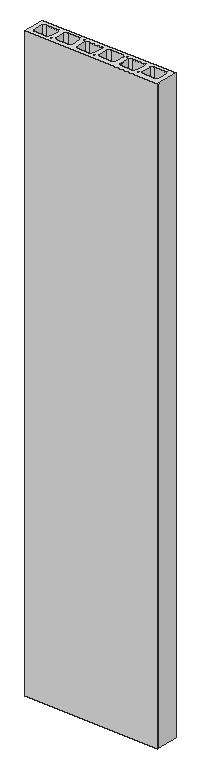
Revit family "ECP_MNLK-7545S5K", category Generic Models, Revit 2022
Family settings
  Can host rebar = No
  Round Connector Dimension = Use Diameter
  Part Type = Normal
  Work Plane-Based = No
  Always vertical = Yes
  Cut with Voids When Loaded = Yes
  Maintain Annotation Orientation = No
  Shared = No
  Room Calculation Point = No
Parameters (values of type "ECP_MNLK-7545S5K")
  長さ [instance] = 2000 mm
  穴表示 = yes
  材質 = 40Msr_ECP
  Default Elevation = 0 mm
  既存長さ = 460 mm
  幅 [instance] = 450 mm
  固定寸法 = 450 mm
  厚さ = 75 mm
  メースカット非表示 = yes
  メースカット [instance] = 既存長さ - 幅 - 10 mm  # 0 mm
  オースカット非表示 = no
  オースカット = 0 mm
Reference planes
  plane 1 "中心(正面/背面)": y = 0
  plane 2: z = 0
  plane 3 "中心(左/右)": x = 0
  plane 4: y = -37.5
  plane 5: y = 37.5
  plane 6: z = 2000
  plane 7: x = 450
Forms (mm)
  Extrusion 1, solid, material "40Msr_ECP" <- "材質", detail levels fine
    sketch origin (0, 0, 0) x (1, 0, 0) y (0, 1, 0)
      loop
        line (0, -35.5) -> (2, -37.5) -> (448, -37.5) -> (450, -35.5) -> (450, 35.5) -> (448, 37.5) -> (2, 37.5) -> (0, 35.5) -> (0, -35.5)
    from 0 to 2000
  Extrusion 2, void
    sketch origin (-50, 0, 0) x (1, 0, 0) y (0, 1, 0)
      loop
        line (500, -37.5) -> (510, -37.5) -> (510, 37.5) -> (500, 37.5) -> (500, -37.5)
    from 0 to 2000
  Extrusion 3, void
    sketch origin (-617, 0, 0) x (1, 0, 0) y (0, 1, 0)
      loop
        line (640, -23.5) -> (681.5, -23.5) -> (689.5, -15.5) -> (689.5, 15.5)
        arc (689.5, 15.5) -> (687.157, 21.157) -> (681.5, 23.5) r 8
        line (681.5, 23.5) -> (640, 23.5)
        arc (640, 23.5) -> (634.343, 21.157) -> (632, 15.5) r 8
        line (632, 15.5) -> (632, -15.5)
        arc (632, -15.5) -> (634.343, -21.157) -> (640, -23.5) r 8
      loop
        line (712.5, -23.5) -> (754, -23.5)
        arc (754, -23.5) -> (759.657, -21.157) -> (762, -15.5) r 8
        line (762, -15.5) -> (762, 15.5) -> (754, 23.5) -> (712.5, 23.5)
        arc (712.5, 23.5) -> (706.843, 21.157) -> (704.5, 15.5) r 8
        line (704.5, 15.5) -> (704.5, -15.5) -> (712.5, -23.5)
      loop
        line (785, -23.5) -> (826.5, -23.5) -> (834.5, -15.5) -> (834.5, 15.5)
        arc (834.5, 15.5) -> (832.157, 21.157) -> (826.5, 23.5) r 8
        line (826.5, 23.5) -> (785, 23.5) -> (777, 15.5) -> (777, -15.5)
        arc (777, -15.5) -> (779.343, -21.157) -> (785, -23.5) r 8
      loop
        line (857.5, -23.5) -> (899, -23.5)
        arc (899, -23.5) -> (904.657, -21.157) -> (907, -15.5) r 8
        line (907, -15.5) -> (907, 15.5) -> (899, 23.5) -> (857.5, 23.5)
        arc (857.5, 23.5) -> (851.843, 21.157) -> (849.5, 15.5) r 8
        line (849.5, 15.5) -> (849.5, -15.5) -> (857.5, -23.5)
      loop
        line (930, 23.5) -> (922, 15.5) -> (922, -15.5)
        arc (922, -15.5) -> (924.343, -21.157) -> (930, -23.5) r 8
        line (930, -23.5) -> (971.5, -23.5) -> (979.5, -15.5) -> (979.5, 15.5)
        arc (979.5, 15.5) -> (977.157, 21.157) -> (971.5, 23.5) r 8
        line (971.5, 23.5) -> (930, 23.5)
      loop
        arc (1002.5, 23.5) -> (996.843, 21.157) -> (994.5, 15.5) r 8
        line (994.5, 15.5) -> (994.5, -15.5) -> (1002.5, -23.5) -> (1044, -23.5)
        arc (1044, -23.5) -> (1049.657, -21.157) -> (1052, -15.5) r 8
        line (1052, -15.5) -> (1052, 15.5)
        arc (1052, 15.5) -> (1049.657, 21.157) -> (1044, 23.5) r 8
        line (1044, 23.5) -> (1002.5, 23.5)
      loop
        circle (987, -23.5) r 1.3
      loop
        circle (914.5, 23.5) r 1.3
      loop
        circle (842, -23.5) r 1.3
      loop
        circle (769.5, 23.5) r 1.3
      loop
        circle (697, -23.5) r 1.3
    from 0 to 2000
Cuts and joins
  Extrusion 2, Extrusion 3 cuts Extrusion 1
Lines and regions (mm)
  symbolic lines, style "ECPパネル", detail levels coarse+medium
    curve 1: line (0, 37.5, 0) -> (450, 37.5, 0)
    curve 2: line (0, -37.5, 0) -> (0, 37.5, 0)
    curve 3: line (450, -37.5, 0) -> (0, -37.5, 0)
    curve 4: line (450, 37.5, 0) -> (450, -37.5, 0)
    curve 5: line (0, 0, 0) -> (450, 0, 0)
    curve 6: line (0, 0, 2000) -> (0, 0, 0)
    curve 7: line (450, 0, 2000) -> (0, 0, 2000)
    curve 8: line (450, 0, 0) -> (450, 0, 2000)
    curve 9: line (0, -37.5, 2000) -> (0, 37.5, 2000)
    curve 10: line (0, -37.5, 0) -> (0, -37.5, 2000)
    curve 11: line (0, 37.5, 0) -> (0, -37.5, 0)
    curve 12: line (0, 37.5, 2000) -> (0, 37.5, 0)
  model lines, detail levels coarse+medium
    curve 13: line (0, 8, 0) -> (0, -8, 0)
Dimensions and locks
  "厚さ": plane 4 to plane 5
  "長さ": plane 6 to level
  equal spacing: plane 4, plane 1 "中心(正面/背面)", plane 5
  "既存長さ": plane 3 "中心(左/右)" to Extrusion 2
  "既存長さ": plane 3 "中心(左/右)" to Extrusion 2 sketch curve
  "長さ": cut or joined group of Extrusion 1, Extrusion 2, Extrusion 3 to level
  "長さ": Extrusion 2 to level
  "幅": cut or joined group of Extrusion 1, Extrusion 2, Extrusion 3 to curve 8
  "長さ": level to Extrusion 3
  "固定寸法": plane 3 "中心(左/右)" to cut or joined group of Extrusion 1, Extrusion 2, Extrusion 3
  "幅": plane 3 "中心(左/右)" to plane 7
  "メースカット": Extrusion 2 sketch curve to cut or joined group of Extrusion 1, Extrusion 2, Extrusion 3
  aligned and locked: level to plane 2
Automatic sketch dimensions
  curve 11 to level = 0 mm
  curve 11 to plane 4 = 0 mm
  curve 11 to plane 5 = 0 mm
  curve 10 to plane 6 = 0 mm
  curve 7 to plane 3 "中心(左/右)" = 0 mm
  curve 7 to plane 6 = 0 mm
  curve 8 to level = 0 mm
  Extrusion 1 sketch curve to plane 3 "中心(左/右)" = 0 mm
  plane 4 to Extrusion 1 sketch curve = 0 mm
  plane 5 to Extrusion 1 sketch curve = 0 mm
  plane 3 "中心(左/右)" to Extrusion 1 sketch curve = 2 mm  (x2)
  Extrusion 1 sketch curve to plane 4 = 2 mm  (x2)
  plane 5 to Extrusion 1 sketch curve = 2 mm  (x2)
  Extrusion 1 sketch curve to Extrusion 1 sketch curve = 2 mm
  Extrusion 1 sketch curve to Extrusion 1 sketch curve = 0 mm
  Extrusion 1 sketch curve to Extrusion 1 sketch curve = 446 mm
  plane 3 "中心(左/右)" to Extrusion 3 sketch curve = 15 mm
  Extrusion 3 sketch curve to Extrusion 3 sketch curve = 8 mm  (x28)
  Extrusion 3 sketch curve to plane 4 = 14 mm  (x7)
  Extrusion 3 sketch curve to Extrusion 3 sketch curve = 41.5 mm  (x7)
  Extrusion 3 sketch curve to Extrusion 3 sketch curve = 0 mm  (x6)
  Extrusion 3 sketch curve to Extrusion 3 sketch curve = 7.5 mm  (x8)
  plane 5 to Extrusion 3 sketch curve = 14 mm  (x5)
  plane 1 "中心(正面/背面)" to Extrusion 3 sketch curve = 15.5 mm  (x4)
  Extrusion 3 sketch curve to Extrusion 3 sketch curve = 15 mm  (x2)
  curve 1 to plane 3 "中心(左/右)" = 0 mm
  curve 13 to plane 3 "中心(左/右)" = 0 mm
  plane 4 to curve 4 = 0 mm
  curve 4 to plane 7 = 0 mm
  plane 5 to curve 1 = 0 mm
  plane 1 "中心(正面/背面)" to curve 13 = 8 mm
  curve 13 to plane 1 "中心(正面/背面)" = 8 mm
  plane 4 to Extrusion 2 sketch curve = 0 mm
  plane 5 to Extrusion 2 sketch curve = 0 mm
  radius of Extrusion 3 sketch curve = 1.3 mm  (x5)
